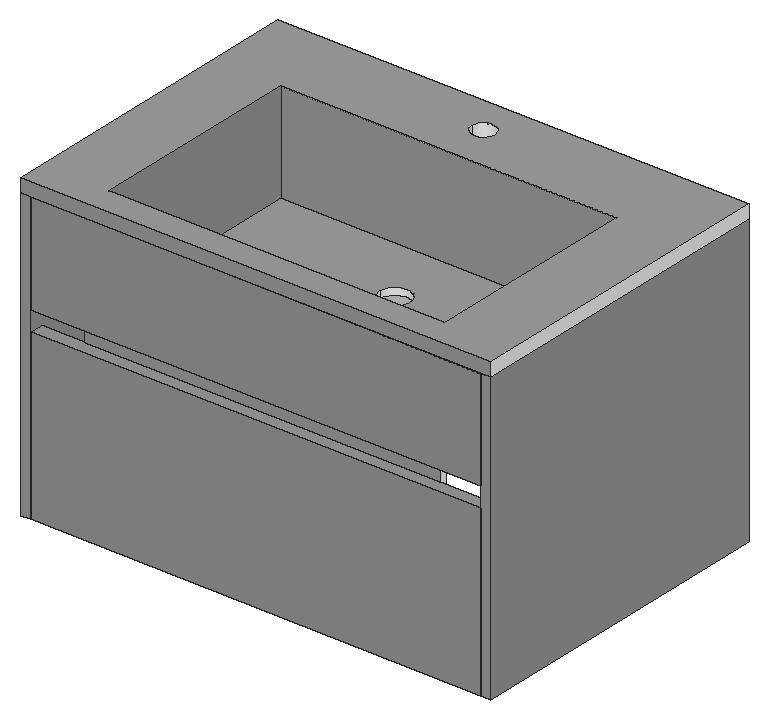
Revit family "MUEBLE SUNSET 700 OAK", category Generic Models, Revit 2019
Family settings
  Can host rebar = No
  Round Connector Dimension = Use Diameter
  Part Type = Normal
  Work Plane-Based = No
  Always vertical = Yes
  Cut with Voids When Loaded = No
  Shared = No
  Room Calculation Point = No
Parameters (values of type "ORANS Mueble Orlando Fume (MFC 034) 060,5cm ancho")
  URL = ""
  Profundidad receptáculo = 150 mm
  Prof lavamanos = 320 mm
  Prof borde cub trasero = 120 mm
  Model = ""
  Material tirador = Acero semi pulido
  Material frentes = Fume (MFC 034) horizontal
  Material cubierta = Loza blanco brillo
  Material costados = Fume (MFC 034) vertical
  Manufacturer = ""
  Largo = 600 mm
  Largo receptáculo = if(Largo = 605 mm, 426 mm, 460 mm)  # 460 mm
  Description = ""
  Ancho tirador = 250 mm
  Ancho borde cub = 40 mm
  Ancho = 480 mm
  Amcho borde cub [instance] = 70 mm
  Alto [instance] = 450 mm
  ANCHO BORDE CUB [instance] = 70 mm
Types (12, lengths in mm): name | Prof lavamanos | Prof borde cub trasero | Material frentes | Material costados | Largo | Largo receptáculo | Ancho borde cub | Ancho | Alto
  ORANS Mueble Orlando Fume (MFC 034) 060,5cm ancho | 320 | 120 | Fume (MFC 034) horizontal | Fume (MFC 034) vertical | 600 | 460 | 40 | 480 | 450
  ORANS Mueble Orlando Fume (MFC 034) 070,5cm ancho | 275 | 115 | Fume (MFC 034) horizontal | Fume (MFC 034) vertical | 705 | 460 | 70 | 465 | 570
  ORANS Mueble Orlando Fume (MFC 034) 080,5cm ancho | 275 | 115 | Fume (MFC 034) horizontal | Fume (MFC 034) vertical | 805 | 460 | 70 | 465 | 570
  ORANS Mueble Orlando Fume (MFC 034) 100,5cm ancho | 275 | 115 | Fume (MFC 034) horizontal | Fume (MFC 034) vertical | 1050 | 460 | 70 | 465 | 570
  ORANS Mueble Orlando Haya Light (MFC 030) 060,5cm ancho | 275 | 115 | Haya Light (MFC 030) horizontal | Haya Light (MFC 030) vertical | 605 | 426 | 70 | 465 | 570
  ORANS Mueble Orlando Haya Light (MFC 030) 070,5cm ancho | 275 | 115 | Haya Light (MFC 030) horizontal | Haya Light (MFC 030) vertical | 705 | 460 | 70 | 465 | 570
  ORANS Mueble Orlando Haya Light (MFC 030) 080,5cm ancho | 275 | 115 | Haya Light (MFC 030) horizontal | Haya Light (MFC 030) vertical | 805 | 460 | 70 | 465 | 570
  ORANS Mueble Orlando Haya Light (MFC 030) 100,5cm ancho | 275 | 115 | Haya Light (MFC 030) horizontal | Haya Light (MFC 030) vertical | 1050 | 460 | 70 | 465 | 570
  ORANS Mueble Orlando Oak 1 (MFC 005) 060,5cm ancho | 275 | 115 | Oak1 (MFC 005) horizontal | Oak1 (MFC 005) vertical | 605 | 426 | 70 | 465 | 570
  ORANS Mueble Orlando Oak 1 (MFC 005) 070,5cm ancho | 275 | 115 | Oak1 (MFC 005) horizontal | Oak1 (MFC 005) vertical | 705 | 460 | 70 | 465 | 570
  ORANS Mueble Orlando Oak 1 (MFC 005) 080,5cm ancho | 275 | 115 | Oak1 (MFC 005) horizontal | Oak1 (MFC 005) vertical | 805 | 460 | 70 | 465 | 570
  ORANS Mueble Orlando Oak 1 (MFC 005) 100,5cm ancho | 275 | 115 | Oak1 (MFC 005) horizontal | Oak1 (MFC 005) vertical | 1050 | 460 | 70 | 465 | 570
Reference planes
  plane 1 "Center (Front/Back)": y = 0
  plane 2: z = 0
  plane 3 "Center (Left/Right)": x = 0
  plane 4: z = 430
  plane 5: z = 450
  plane 6: z = 250
  plane 7: z = 280
Forms (mm)
  Extrusion 1, solid, material "Loza blanco brillo" <- "Material cubierta"
    sketch origin (0, 0, 0) x (1, 0, 0) y (0, 1, 0)
      loop
        line (-350, -480) -> (350, -480) -> (350, 0) -> (-350, 0) -> (-350, -480)
      loop
        line (-250, -120) -> (-250, -440) -> (250, -440) -> (250, -120) -> (-250, -120)
      loop
        circle (0, -55) r 17.5
    from 430 to 450
  Extrusion 2, solid, material "Loza blanco brillo" <- "Material cubierta"
    sketch origin (0, 0, 0) x (1, 0, 0) y (0, 1, 0)
      loop
        line (-270, -110) -> (-270, -450) -> (250, -450) -> (250, -110) -> (-270, -110)
      loop
        circle (0, -220) r 22.5
    from 290 to 430
  Extrusion 3, void
    sketch origin (0, 0, 0) x (1, 0, 0) y (0, 1, 0)
      loop
        line (-250, -120) -> (-250, -440) -> (250, -440) -> (250, -120) -> (-250, -120)
    from 300 to 430
  Extrusion 4, solid, material "Loza blanco brillo"
    sketch origin (0, 0, 0) x (1, 0, 0) y (0, 1, 0)
      loop
        line (-335, 0) -> (-350, 0) -> (-350, -480) -> (-335, -480) -> (-335, 0)
    from 0 to 430
  Extrusion 5, solid, material "Loza blanco brillo"
    sketch origin (590, 0, 0) x (1, 0, 0) y (0, 1, 0)
      loop
        line (-255, 0) -> (-255, -480) -> (-240, -480) -> (-240, 0) -> (-255, 0)
    from 0 to 430
  Extrusion 6, solid, material "Fume (MFC 034) horizontal" <- "Material frentes"
    sketch origin (0, 0, 0) x (1, 0, 0) y (0, 0, 1)
      loop
        line (-335, 430) -> (-335, 280) -> (335, 280) -> (335, 430) -> (-335, 430)
    from 460 to 480
  Extrusion 7, solid, material "Fume (MFC 034) horizontal" <- "Material frentes"
    sketch origin (0, 0, -200) x (1, 0, 0) y (0, 0, 1)
      loop
        line (-335, 450) -> (-335, 200) -> (335, 200) -> (335, 450) -> (-335, 450)
    from 460 to 480
  Extrusion 8, solid, material "Loza blanco brillo" <- "Material cubierta"
    sketch origin (0, 0, 0) x (1, 0, 0) y (0, 0, 1)
      loop
        line (-270, 300) -> (-270, 220) -> (260, 220) -> (260, 300) -> (-270, 300)
    from 450 to 460
  Extrusion 9, solid
    sketch origin (0, 0, 0) x (0, 1, 0) y (0, 0, 1)
      loop
        line (0, 0) -> (0, 430) -> (-20, 430) -> (-20, 0) -> (0, 0)
    from -335 to 335
Cuts and joins
  Extrusion 3 cuts Extrusion 2
  joined: Extrusion 1, Extrusion 2
Dimensions and locks
  locked: plane 5 to plane 4 at 20
  plane 5 to plane 4 = 20 mm
  "Alto": plane 5 to level
  locked: cut or joined group of Extrusion 1, Extrusion 2, Extrusion 3 to cut or joined group of Extrusion 1, Extrusion 2, Extrusion 3 at 140
  locked: cut or joined group of Extrusion 1, Extrusion 2, Extrusion 3 to cut or joined group of Extrusion 1, Extrusion 2, Extrusion 3 at 130
  locked: plane 7 to plane 6 at 30
  aligned and locked: Extrusion 1 sketch curve to plane 1 "Center (Front/Back)"
  aligned and locked: plane 4 to Extrusion 3
  aligned and locked: plane 3 "Center (Left/Right)" to Extrusion 1 sketch curve
  aligned and locked: plane 3 "Center (Left/Right)" to Extrusion 2 sketch curve
  aligned and locked: plane 4 to Extrusion 4
  aligned and locked: Extrusion 4 to plane 1 "Center (Front/Back)"
  aligned and locked: plane 4 to Extrusion 5
  aligned and locked: Extrusion 5 to level
  aligned and locked: Extrusion 5 to plane 4  (x2)
  aligned and locked: level to Extrusion 5  (x2)
  aligned and locked: Extrusion 4 to level
  aligned and locked: Extrusion 4 to plane 4  (x2)
  aligned and locked: level to Extrusion 4
  aligned and locked: plane 4 to cut or joined group of Extrusion 1, Extrusion 2, Extrusion 3
  aligned and locked: Extrusion 6 to plane 7
  aligned and locked: plane 6 to Extrusion 7
Automatic sketch dimensions
  plane 1 "Center (Front/Back)" to Extrusion 4 sketch curve = 0 mm
  plane 1 "Center (Front/Back)" to Extrusion 5 sketch curve = 0 mm
  Extrusion 6 sketch curve to plane 4 = 0 mm
  Extrusion 6 sketch curve to plane 7 = 0 mm
  Extrusion 7 sketch curve to level = 0 mm
  Extrusion 7 sketch curve to plane 6 = 0 mm
  Extrusion 8 sketch curve to plane 4 = 130 mm
  Extrusion 8 sketch curve to plane 7 = 60 mm
  Extrusion 9 sketch curve to plane 5 = 20 mm
  Extrusion 9 sketch curve to plane 1 "Center (Front/Back)" = 0 mm
  Extrusion 9 sketch curve to level = 0 mm
  plane 1 "Center (Front/Back)" to Extrusion 9 sketch curve = 20 mm
  Extrusion 1 sketch curve to plane 3 "Center (Left/Right)" = 250 mm
  Extrusion 1 sketch curve to Extrusion 1 sketch curve = 100 mm  (x2)
  plane 3 "Center (Left/Right)" to Extrusion 1 sketch curve = 250 mm
  Extrusion 2 sketch curve to plane 3 "Center (Left/Right)" = 270 mm
  plane 3 "Center (Left/Right)" to Extrusion 2 sketch curve = 250 mm
  Extrusion 3 sketch curve to plane 3 "Center (Left/Right)" = 250 mm
  plane 3 "Center (Left/Right)" to Extrusion 3 sketch curve = 250 mm
  Extrusion 4 sketch curve to plane 3 "Center (Left/Right)" = 350 mm
  Extrusion 4 sketch curve to Extrusion 4 sketch curve = 15 mm
  plane 3 "Center (Left/Right)" to Extrusion 5 sketch curve = 335 mm
  Extrusion 5 sketch curve to Extrusion 5 sketch curve = 15 mm
  Extrusion 6 sketch curve to plane 3 "Center (Left/Right)" = 335 mm
  plane 3 "Center (Left/Right)" to Extrusion 6 sketch curve = 335 mm
  Extrusion 7 sketch curve to plane 3 "Center (Left/Right)" = 335 mm
  plane 3 "Center (Left/Right)" to Extrusion 7 sketch curve = 335 mm
  Extrusion 8 sketch curve to plane 3 "Center (Left/Right)" = 270 mm
  plane 3 "Center (Left/Right)" to Extrusion 8 sketch curve = 260 mm
  plane 1 "Center (Front/Back)" to Extrusion 1 sketch curve = 55 mm
  plane 1 "Center (Front/Back)" to Extrusion 1 sketch curve = 120 mm
  Extrusion 1 sketch curve to Extrusion 1 sketch curve = 320 mm
  Extrusion 1 sketch curve to Extrusion 1 sketch curve = 40 mm
  plane 1 "Center (Front/Back)" to Extrusion 2 sketch curve = 450 mm
  plane 1 "Center (Front/Back)" to Extrusion 2 sketch curve = 220 mm
  plane 1 "Center (Front/Back)" to Extrusion 2 sketch curve = 110 mm
  plane 1 "Center (Front/Back)" to Extrusion 3 sketch curve = 440 mm
  plane 1 "Center (Front/Back)" to Extrusion 3 sketch curve = 120 mm
  plane 1 "Center (Front/Back)" to Extrusion 4 sketch curve = 480 mm
  plane 1 "Center (Front/Back)" to Extrusion 5 sketch curve = 480 mm
  radius of Extrusion 1 sketch curve = 17.5 mm
  radius of Extrusion 2 sketch curve = 22.5 mm
